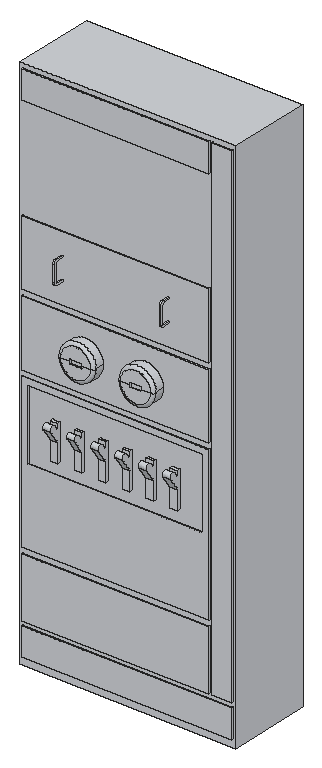
Revit family "M_Quadro elétrico de utilidade", category Equipamento elétrico, Revit 2019
Family settings
  Cota do conector redondo = Utilizar diâmetro
  Tipo de parte = Quadro elétrico
  Número OmniClass = 23.80.30.11.17
  Título OmniClass = Distribution Boards and Control Panels
  ID de item do Seek = Utility Switchboard-0000-CAN-ENU
  Com base no plano de trabalho = Não
  Sempre na vertical = Sim
  Corte com vazios quando carregada = Não
  Compartilhado = Não
  Ponto de cálculo do ambiente = Não
Parameters (values of type "914mmx667mm")
  Largura do quadro elétrico = 413 mm
  Voltagem do quadro elétrico = 480 V
  Material do quadro elétrico = none
  Comprimento do quadro elétrico = 914 mm
  Altura do quadro elétrico = 2286 mm
  Material do interruptor = none
  Altura total = if(Altura do quadro elétrico > 2286 mm, Altura do quadro elétrico, 2286 mm)  # 2286 mm
  Número de pólos = 3
  Classificação de carga = Potência
  Comprimento de meio quadro elétrico = 0.5 * Comprimento do quadro elétrico  # 457 mm
Types (3, lengths in mm): name | Largura do quadro elétrico
  (no name) | 667
  914mmx667mm | 667
  914mmx413mm | 413
Reference planes
  plane 1 "Centro (Frente/Trás)": y = 0
  plane 2: z = 0
  plane 3 "Centro (Esquerda/Direita)": x = 0
  plane 4: y = -413
  plane 5: y = -362.2
  plane 6: y = -355.85
  plane 7: x = -457
  plane 8: x = 457
  plane 9: z = 2286
  plane 10: x = -444.3
  plane 11: x = 444.3
  plane 12: z = 2266.95
  plane 13: z = 2146.3
  plane 14: z = 2133.6
  plane 15: x = 361.75
  plane 16: x = 349.05
  plane 17: z = 31.75
  plane 18: z = 152.4
  plane 19: z = 171.45
  plane 20: z = 425.45
  plane 21: z = 450.85
  plane 22: z = 1098.55
  plane 23: z = 1123.95
  plane 24: z = 1403.35
  plane 25: z = 1428.75
  plane 26: z = 1708.15
  plane 27: z = 1263.65
  plane 28: z = 1568.45
  plane 29: z = 1073.15
  plane 30: z = 774.7
  plane 31: x = -418.9
  plane 32: x = 323.65
  plane 33: z = 825.5
  plane 34: x = -47.625
  plane 35: x = -98.425
  plane 36: x = 3.175
  plane 37: x = -200.025
  plane 38: x = 104.775
  plane 39: x = -301.625
  plane 40: x = 206.375
  plane 41: y = -177.925
  plane 42: x = -273.05
  plane 43: x = 177.8
  plane 44: x = -174.625
  plane 45: x = 79.375
Forms (mm)
  Extrusion 1, solid, material <- "Material do quadro elétrico"
    sketch origin (0, 0, 0) x (1, 0, 0) y (0, 1, 0)
      loop
        line (-457, 0) -> (-457, -355.85) -> (457, -355.85) -> (457, 0) -> (-457, 0)
    from 0 to 2286
  Extrusion 2, solid, material <- "Material do quadro elétrico"
    sketch origin (0, 0, 0) x (1, 0, 0) y (0, 0, 1)
      loop
        line (-444.3, 2266.95) -> (-444.3, 2146.3) -> (349.05, 2146.3) -> (349.05, 2266.95) -> (-444.3, 2266.95)
      loop
        line (361.75, 2266.95) -> (361.75, 171.45) -> (444.3, 171.45) -> (444.3, 2266.95) -> (361.75, 2266.95)
      loop
        line (-444.3, 152.4) -> (-444.3, 31.75) -> (444.3, 31.75) -> (444.3, 152.4) -> (-444.3, 152.4)
      loop
        line (349.05, 171.45) -> (349.05, 425.45) -> (-444.3, 425.45) -> (-444.3, 171.45) -> (349.05, 171.45)
      loop
        line (-444.3, 1098.55) -> (-444.3, 450.85) -> (349.05, 450.85) -> (349.05, 1098.55) -> (-444.3, 1098.55)
      loop
        line (-444.3, 1403.35) -> (-444.3, 1123.95) -> (349.05, 1123.95) -> (349.05, 1403.35) -> (-444.3, 1403.35)
      loop
        line (-444.3, 1708.15) -> (-444.3, 1428.75) -> (349.05, 1428.75) -> (349.05, 1708.15) -> (-444.3, 1708.15)
    from 355.85 to 362.2
  Extrusion 3, void
    sketch origin (0, 0, 0) x (1, 0, 0) y (0, 0, 1)
      loop
        line (-418.9, 1073.15) -> (-418.9, 774.7) -> (323.65, 774.7) -> (323.65, 1073.15) -> (-418.9, 1073.15)
    from 355.85 to 362.2
Cuts and joins
  Extrusion 3 cuts Extrusion 1
  Extrusion 3 cuts Extrusion 2
Dimensions and locks
  "Largura do quadro elétrico": plane 1 "Centro (Frente/Trás)" to plane 4
  locked: plane 5 to plane 4 at 50.8
  locked: plane 5 to plane 6 at 6.35
  "Comprimento de meio quadro elétrico": plane 7 to plane 3 "Centro (Esquerda/Direita)"
  "Comprimento de meio quadro elétrico": plane 3 "Centro (Esquerda/Direita)" to plane 8
  "Altura total": plane 9 to plane 2
  locked: plane 10 to plane 7 at 12.7
  locked: plane 11 to plane 8 at 12.7
  locked: plane 9 to plane 12 at 19.05
  locked: plane 12 to plane 13 at 120.65
  locked: plane 13 to plane 14 at 12.7
  locked: plane 11 to plane 15 at 82.55
  locked: plane 15 to plane 16 at 12.7
  locked: plane 17 to plane 2 at 31.75
  locked: plane 18 to plane 17 at 120.65
  locked: plane 19 to plane 18 at 19.05
  locked: plane 20 to plane 19 at 254
  locked: plane 21 to plane 20 at 25.4
  locked: plane 22 to plane 21 at 647.7
  locked: plane 23 to plane 22 at 25.4
  locked: plane 24 to plane 23 at 279.4
  locked: plane 25 to plane 24 at 25.4
  locked: plane 26 to plane 25 at 279.4
  equal spacing: plane 24, plane 27, plane 23
  equal spacing: plane 26, plane 28, plane 25
  locked: plane 22 to plane 29 at 25.4
  equal spacing: plane 22, plane 30, plane 21
  locked: plane 31 to plane 10 at 25.4
  locked: plane 16 to plane 32 at 25.4
  locked: plane 33 to plane 30 at 50.8
  equal spacing: plane 32, plane 34, plane 31
  locked: plane 35 to plane 34 at 50.8
  locked: plane 34 to plane 36 at 50.8
  locked: plane 36 to plane 38 at 101.6
  locked: plane 37 to plane 35 at 101.6
  locked: plane 39 to plane 37 at 101.6
  locked: plane 38 to plane 40 at 101.6
  equal spacing: plane 1 "Centro (Frente/Trás)", plane 41, plane 6
  locked: plane 34 to plane 42 at 225.425
  locked: plane 34 to plane 43 at 225.425
  locked: plane 34 to plane 44 at 127
  locked: plane 34 to plane 45 at 127
  aligned and locked: plane 7 to Extrusion 1 sketch curve
  aligned and locked: plane 1 "Centro (Frente/Trás)" to Extrusion 1 sketch curve
  aligned and locked: plane 6 to Extrusion 1 sketch curve
  aligned and locked: plane 8 to Extrusion 1 sketch curve
  aligned and locked: Extrusion 1 to plane 2
  aligned and locked: plane 9 to Extrusion 1
  aligned and locked: plane 10 to Extrusion 2 sketch curve  (x6)
  aligned and locked: Extrusion 2 sketch curve to plane 12  (x2)
  aligned and locked: plane 13 to Extrusion 2 sketch curve
  aligned and locked: Extrusion 2 sketch curve to plane 16  (x5)
  aligned and locked: plane 15 to Extrusion 2 sketch curve  (x2)
  aligned and locked: plane 11 to Extrusion 2 sketch curve  (x2)
  aligned and locked: plane 19 to Extrusion 2 sketch curve  (x2)
  aligned and locked: Extrusion 2 sketch curve to plane 18
  aligned and locked: plane 17 to Extrusion 2 sketch curve
  aligned and locked: Extrusion 2 sketch curve to plane 20
  aligned and locked: plane 21 to Extrusion 2 sketch curve
  aligned and locked: Extrusion 2 sketch curve to plane 22
  aligned and locked: Extrusion 2 sketch curve to plane 24
  aligned and locked: plane 23 to Extrusion 2 sketch curve
  aligned and locked: Extrusion 2 sketch curve to plane 26
  aligned and locked: plane 25 to Extrusion 2 sketch curve
  aligned and locked: Extrusion 2 to plane 5
  aligned and locked: Extrusion 2 to plane 6
  aligned and locked: nested 1 to plane 5
  aligned and locked: nested 2 to plane 5
  aligned and locked: plane 27 to nested 1
  aligned and locked: plane 27 to nested 2
  aligned and locked: nested 3 to plane 5
  aligned and locked: nested 4 to plane 5
  aligned and locked: plane 28 to nested 3
  aligned and locked: plane 28 to nested 4
  aligned and locked: Extrusion 3 sketch curve to plane 29
  aligned and locked: Extrusion 3 sketch curve to plane 30
  aligned and locked: Extrusion 3 sketch curve to plane 32
  aligned and locked: plane 31 to Extrusion 3 sketch curve
  aligned and locked: Extrusion 3 to plane 5
  aligned and locked: Extrusion 3 to plane 6
  aligned and locked: plane 6 to nested 5
  aligned and locked: plane 33 to nested 5
  aligned and locked: plane 6 to nested 9
  aligned and locked: plane 6 to nested 8
  aligned and locked: plane 6 to nested 7
  aligned and locked: plane 6 to nested 6
  aligned and locked: plane 33 to nested 6
  aligned and locked: plane 33 to nested 7
  aligned and locked: plane 33 to nested 8
  aligned and locked: plane 33 to nested 9
  aligned and locked: plane 6 to nested 10
  aligned and locked: plane 33 to nested 10
  aligned and locked: nested 5 to plane 35
  aligned and locked: nested 9 to plane 36
  aligned and locked: nested 6 to plane 37
  aligned and locked: nested 10 to plane 38
  aligned and locked: nested 7 to plane 39
  aligned and locked: nested 8 to plane 40
  aligned and locked: plane 3 "Centro (Esquerda/Direita)" to nested 11
  aligned and locked: nested 11 to plane 41
  aligned and locked: plane 42 to nested 3
  aligned and locked: nested 4 to plane 43
  aligned and locked: plane 44 to nested 1
  aligned and locked: nested 2 to plane 45
Nested families
  nested 1: "M_Controle A" at (-174.625, -362.2, 1263.65), type "Controle A", detail levels fine
  nested 2: "M_Controle A" at (79.375, -362.2, 1263.65), type "Controle A", detail levels fine
  nested 3: "M_Controle B" at (-273.05, -362.2, 1568.45), type "Controle B", detail levels fine
  nested 4: "M_Controle B" at (177.8, -362.2, 1568.45), type "Controle B", detail levels fine
  nested 5: "M_Interruptor A" at (-98.425, -355.85, 825.5), type "Interruptor A", detail levels fine
  nested 6: "M_Interruptor A" at (-200.025, -355.85, 825.5), type "Interruptor A", detail levels fine
  nested 7: "M_Interruptor A" at (-301.625, -355.85, 825.5), type "Interruptor A", detail levels fine
  nested 8: "M_Interruptor A" at (206.375, -355.85, 825.5), type "Interruptor A", detail levels fine
  nested 9: "M_Interruptor A" at (3.175, -355.85, 825.5), type "Interruptor A", detail levels fine
  nested 10: "M_Interruptor A" at (104.775, -355.85, 825.5), type "Interruptor A", detail levels fine
  nested 11: "M_Símbolo do quadro de distribuição" at (0, -177.925, 0), type "Símbolo do quadro elétrico", detail levels coarse+medium
Connectors
  electrical at (0, -177.925, 2286), driven by "Número de pólos", driven by "Voltagem do quadro elétrico", driven by "Classificação de carga"
    settings: on cut or joined group of Extrusion 1, Extrusion 3, index 1, voltage 480 V, apparent load 0 VA, apparent load phase1 0 VA, apparent load phase2 0 VA, apparent load phase3 0 VA, power factor 0.8, load classification "Potência", number of poles 3, system type 31, power factor state 1, is connector primary yes, connector utility no, sub classification motor no, connector description ""
  cabletrayconduit at (0, -177.925, 2286), diameter 600
    settings: on cut or joined group of Extrusion 1, Extrusion 3, index 2, connector width 300 mm, connector height 300 mm, connector angle 0.00°, system type 32, placement type 1, profile type 0, connector reference index -1, is primary connector yes, connector utility param no, connector description ""
  cabletrayconduit at (-457, -177.925, 1143), diameter 600
    settings: on cut or joined group of Extrusion 1, Extrusion 3, index 3, connector width 300 mm, connector height 300 mm, connector angle 0.00°, system type 32, placement type 1, profile type 0, connector reference index -1, is primary connector no, connector utility param no, connector description ""
  cabletrayconduit at (457, -177.925, 1143), diameter 600
    settings: on cut or joined group of Extrusion 1, Extrusion 3, index 4, connector width 300 mm, connector height 300 mm, connector angle 0.00°, system type 32, placement type 1, profile type 0, connector reference index -1, is primary connector no, connector utility param no, connector description ""
  cabletrayconduit at (0, 0, 1143), diameter 600
    settings: on cut or joined group of Extrusion 1, Extrusion 3, index 5, connector width 300 mm, connector height 300 mm, connector angle 0.00°, system type 32, placement type 1, profile type 0, connector reference index -1, is primary connector no, connector utility param no, connector description ""
  cabletrayconduit at (0, -177.925, 0), diameter 600
    settings: on cut or joined group of Extrusion 1, Extrusion 3, index 6, connector width 300 mm, connector height 300 mm, connector angle 0.00°, system type 32, placement type 1, profile type 0, connector reference index -1, is primary connector no, connector utility param no, connector description ""
Definition of nested family "M_Controle A"
  Parameters
    Material da medição = none
    Assembly Code = ""
  Reference planes
    plane 1 "Centro (Frente/Trás)": y = 0
    plane 2: z = 0
    plane 3 "Centro (Esquerda/Direita)": x = 0
    plane 4: y = -38.1
    plane 5: y = -50.8
    plane 6: x = 76.2
    plane 7: x = -76.2
    plane 8: x = 63.5
    plane 9: y = -44.45
    plane 10: x = -25.4
    plane 11: x = 25.4
    plane 12: z = -9.525
    plane 13: z = 9.525
  Forms (mm)
    Revolve 1, solid, material <- "Material da medição", detail levels medium+fine
      sketch origin (0, 0, 0) x (1, 0, 0) y (0, 1, 0)
        loop
          line (0, 0) -> (0, -50.8) -> (63.5, -50.8)
          arc (63.5, -50.8) -> (72.48, -47.08) -> (76.2, -38.1) r 12.7
          line (76.2, -38.1) -> (76.2, 0) -> (0, 0)
        axis (0, 0) -> (0, -50.8)
      angle from 0 to 360
    Extrusion 2, void
      sketch origin (0, 0, 0) x (1, 0, 0) y (0, 0, 1)
        loop
          line (-25.4, 9.525) -> (-25.4, -9.525) -> (25.4, -9.525) -> (25.4, 9.525) -> (-25.4, 9.525)
      from 44.45 to 50.8
  Cuts and joins
    Extrusion 2 cuts Revolve 1
  Dimensions and locks
    locked: plane 1 "Centro (Frente/Trás)" to plane 4 at 38.1
    locked: plane 4 to plane 5 at 12.7
    locked: plane 3 "Centro (Esquerda/Direita)" to plane 6 at 76.2
    locked: plane 7 to plane 3 "Centro (Esquerda/Direita)" at 76.2
    locked: plane 8 to plane 6 at 12.7
    locked: plane 9 to plane 5 at 6.35
    locked: plane 3 "Centro (Esquerda/Direita)" to plane 10 at 25.4
    locked: plane 11 to plane 3 "Centro (Esquerda/Direita)" at 25.4
    locked: plane 13 to plane 2 at 9.525
    locked: plane 2 to plane 12 at 9.525
    radius of Revolve 1 sketch curve = 12.7 mm
    aligned and locked: plane 8 to Revolve 1 sketch curve
    aligned and locked: plane 4 to Revolve 1 sketch curve
    aligned and locked: Revolve 1 sketch curve to plane 6
    aligned and locked: plane 1 "Centro (Frente/Trás)" to Revolve 1 sketch curve  (x3)
    aligned and locked: plane 3 "Centro (Esquerda/Direita)" to Revolve 1 sketch curve  (x3)
    aligned and locked: plane 5 to Revolve 1 sketch curve  (x2)
    aligned and locked: plane 6 to Revolve 1 sketch curve  (x2)
    aligned and locked: Revolve 1 sketch curve to plane 3 "Centro (Esquerda/Direita)"
    aligned and locked: plane 10 to Extrusion 2 sketch curve
    aligned and locked: Extrusion 2 sketch curve to plane 13
    aligned and locked: plane 12 to Extrusion 2 sketch curve
    aligned and locked: Extrusion 2 sketch curve to plane 11
    aligned and locked: plane 9 to Extrusion 2
    aligned and locked: Extrusion 2 to plane 5
Definition of nested family "M_Controle B"
  Parameters
    Material da medição = none
    Assembly Code = ""
  Reference planes
    plane 1 "Centro (Frente/Trás)": y = 0
    plane 2: z = 0
    plane 3 "Centro (Esquerda/Direita)": x = 0
    plane 4: y = -28.575
    plane 5: z = 33.337
    plane 6: z = -33.338
    plane 7: z = 42.862
    plane 8: z = -42.863
    plane 9: z = 49.212
    plane 10: z = -49.213
    plane 11: y = -38.1
    plane 12: y = -44.45
    plane 13: x = 3.175
    plane 14: x = -3.175
  Forms (mm)
    Extrusion 1, solid, material <- "Material da medição", detail levels medium+fine
      sketch origin (0, 0, 0) x (0, 1, 0) y (0, 0, 1)
        loop
          line (0, 42.862) -> (0, 49.212) -> (-28.575, 49.212)
          arc (-28.575, 49.212) -> (-39.8, 44.563) -> (-44.45, 33.337) r 15.875
          line (-44.45, 33.337) -> (-44.45, -33.338)
          arc (-44.45, -33.338) -> (-39.8, -44.563) -> (-28.575, -49.213) r 15.875
          line (-28.575, -49.213) -> (0, -49.213) -> (0, -42.863) -> (-28.575, -42.863)
          arc (-28.575, -42.863) -> (-35.31, -40.073) -> (-38.1, -33.338) r 9.525
          line (-38.1, -33.338) -> (-38.1, 33.337)
          arc (-38.1, 33.337) -> (-35.31, 40.073) -> (-28.575, 42.862) r 9.525
          line (-28.575, 42.862) -> (0, 42.862)
      from -3.175 to 3.175
  Dimensions and locks
    locked: plane 1 "Centro (Frente/Trás)" to plane 4 at 28.575
    locked: plane 5 to plane 2 at 33.338
    locked: plane 6 to plane 2 at 33.338
    locked: plane 7 to plane 5 at 9.525
    locked: plane 6 to plane 8 at 9.525
    locked: plane 9 to plane 7 at 6.35
    locked: plane 8 to plane 10 at 6.35
    locked: plane 4 to plane 11 at 9.525
    locked: plane 11 to plane 12 at 6.35
    locked: plane 14 to plane 3 "Centro (Esquerda/Direita)" at 3.175
    locked: plane 3 "Centro (Esquerda/Direita)" to plane 13 at 3.175
    aligned and locked: plane 4 to Extrusion 1 sketch curve  (x10)
    aligned and locked: plane 5 to Extrusion 1 sketch curve  (x3)
    aligned and locked: Extrusion 1 sketch curve to plane 11
    aligned and locked: plane 6 to Extrusion 1 sketch curve  (x5)
    aligned and locked: Extrusion 1 sketch curve to plane 8
    aligned and locked: plane 1 "Centro (Frente/Trás)" to Extrusion 1 sketch curve  (x4)
    aligned and locked: Extrusion 1 sketch curve to plane 1 "Centro (Frente/Trás)"  (x2)
    aligned and locked: plane 9 to Extrusion 1 sketch curve
    aligned and locked: plane 7 to Extrusion 1 sketch curve
    aligned and locked: plane 8 to Extrusion 1 sketch curve
    aligned and locked: plane 10 to Extrusion 1 sketch curve
    aligned and locked: Extrusion 1 sketch curve to plane 9
    aligned and locked: Extrusion 1 sketch curve to plane 10
    aligned and locked: Extrusion 1 sketch curve to plane 12
    aligned and locked: Extrusion 1 to plane 14
    aligned and locked: plane 13 to Extrusion 1
Definition of nested family "M_Interruptor A"
  Parameters
    Material do interruptor = none
    Assembly Code = ""
  Reference planes
    plane 1 "Centro (Frente/Trás)": y = 0
    plane 2: z = 0
    plane 3 "Centro (Esquerda/Direita)": x = 0
    plane 4: z = 152.4
    plane 5: y = -12.7
    plane 6: z = 123.825
    plane 7: x = -15.875
    plane 8: x = 15.875
  Forms (mm)
    Extrusion 1, solid, material <- "Material do interruptor"
      sketch origin (0, 0, 0) x (0, 1, 0) y (0, 0, 1)
        loop
          line (0, 152.4) -> (-12.7, 152.4) -> (-12.7, 123.825) -> (-28.679, 147.515)
          arc (-28.679, 147.515) -> (-46.309, 150.942) -> (-49.736, 133.311) r 12.7
          line (-49.736, 133.311) -> (-12.7, 78.402) -> (-12.7, 0) -> (0, 0) -> (0, 152.4)
      from -15.875 to 15.875
  Dimensions and locks
    locked: plane 4 to plane 2 at 152.4
    locked: plane 1 "Centro (Frente/Trás)" to plane 5 at 12.7
    locked: plane 4 to plane 6 at 28.575
    locked: Extrusion 1 sketch curve to Extrusion 1 sketch curve at 28.575
    locked: Extrusion 1 sketch curve to Extrusion 1 sketch curve at 25.4
    locked: plane 7 to plane 3 "Centro (Esquerda/Direita)" at 15.875
    locked: plane 3 "Centro (Esquerda/Direita)" to plane 8 at 15.875
    locked: Extrusion 1 sketch curve to Extrusion 1 sketch curve (angle 146.00°)
    aligned and locked: plane 4 to Extrusion 1 sketch curve
    aligned and locked: Extrusion 1 sketch curve to plane 2
    aligned and locked: plane 5 to Extrusion 1 sketch curve
    aligned and locked: Extrusion 1 sketch curve to plane 1 "Centro (Frente/Trás)"
    aligned and locked: Extrusion 1 sketch curve to Extrusion 1 sketch curve
    aligned and locked: Extrusion 1 to plane 7
    aligned and locked: plane 8 to Extrusion 1
Definition of nested family "M_Símbolo do quadro de distribuição"
  Reference planes
    plane 1: y = 0
    plane 2: x = 0
  Text (mm)
    text "SB" at (-2.206, 1.923, 0)
